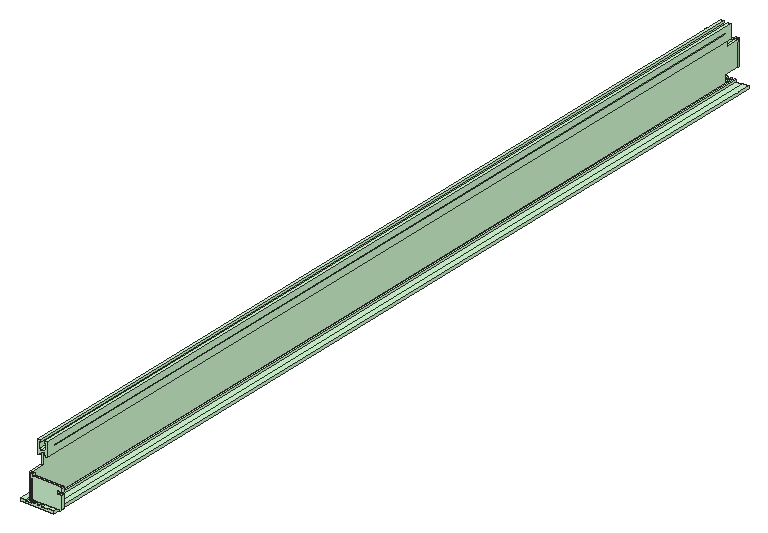
Revit family "eTバー4025クロス(640グリッド用)", category 機械設備, Revit 2020
Family settings
  丸型コネクタ寸法 = 直径を使用
  種別 = なし
  パーツ タイプ = 標準
  作業面ベース = いいえ
  常に垂直 = はい
  ロード時にボイドで切り取り = いいえ
  共有 = いいえ
  部屋計算ポイント = いいえ
Parameters
  製造元 = "株式会社桐井製作所"
  既定の高さ = 0 mm
  URL = "https://www.kirii.co.jp/"
  K_長さ(mm) = 640 mm
  K_材質 = "溶融亜鉛めっき鋼板及び鋼帯SGCC 一般用　カラー鋼板"
  K_品名 = "eTバー4025クロス(640グリッド用)"
  K_名称 = "Tバー"
  K_入数 = "25"
  K_バージョン情報 = "20220915"
  K_めっき付着量 = "JIS G 3302 Z12、カラー鋼板　塗装膜厚20μ(白色)"
  K_JIS規格 = "JIS G 3302"
Reference planes
  plane 1 "中心(正面/背面)": y = 0
  plane 2: z = 0
  plane 3 "中心(左/右)": x = 0
  plane 4: y = 640
Forms (mm)
  Extrusion 1, solid
    sketch origin (0, -1320, 7.1) x (-1, 0, 0) y (0, 0, 1)
      loop
        line (0.65, 26.539) -> (2.4, 24.9) -> (3.5, 24.9) -> (3.5, 34.9) -> (1.403, 34.9) -> (1.403, 33.4) -> (2.203, 33.4) -> (2.141, 29.141) -> (1.059, 28.059) -> (-0.917, 28) -> (-2.141, 29.141) -> (-2.203, 33.4) -> (-1.403, 33.4) -> (-1.403, 34.9) -> (-3.5, 34.9) -> (-3.5, 24.9) -> (-2.4, 24.9) -> (-0.65, 26.539) -> (-0.65, -5.1) -> (-2.488, -5.1) -> (-2.488, -4.3) -> (-3.5, -4.3) -> (-3.5, -5.9) -> (-8.5, -5.9) -> (-8.5, -5.1) -> (-12.5, -5.1) -> (-12.5, -7.1) -> (12.5, -7.1) -> (12.5, -5.1) -> (8.5, -5.1) -> (8.5, -5.9) -> (3.5, -5.9) -> (3.5, -4.3) -> (2.488, -4.3) -> (2.488, -5.1) -> (0.65, -5.1) -> (0.65, 26.539)
    from 1320 to 1960
  Extrusion 2, void
    sketch origin (0, 0, 0) x (0, 1, 0) y (0, 0, 1)
      loop
        line (5, 41.941) -> (0, 41.941) -> (0, 25.9) -> (5, 25.9) -> (5, 41.941)
    from -3.77 to 3.77
  Extrusion 3, solid
    sketch origin (-0.114, 0, 16.166) x (1, 0, 0) y (0, 1, 0)
      loop
        line (24.214, -7.2) -> (24.214, -5.9) -> (1.464, -5.9)
        arc (1.464, -5.9) -> (0.969, -5.695) -> (0.764, -5.2) r 0.7
        line (0.764, -5.2) -> (0.764, 0) -> (-0.536, 0) -> (-0.536, -5.2)
        arc (-0.536, -5.2) -> (0.05, -6.614) -> (1.464, -7.2) r 2
        line (1.464, -7.2) -> (24.214, -7.2)
    from -8.353 to 9.734
  Extrusion 4, void
    sketch origin (0, 0, -7.234) x (1, 0, 0) y (0, 0, 1)
      loop
        line (2.6, 31.999) -> (23.1, 31.999)
        arc (23.1, 31.999) -> (23.807, 31.706) -> (24.1, 30.999) r 1
        line (24.1, 30.999) -> (24.1, 33.134) -> (2.6, 33.134) -> (2.6, 31.999)
    from 5.9 to 7.2
  Extrusion 5, void
    sketch origin (0, 0, -7.234) x (1, 0, 0) y (0, 0, 1)
      loop
        line (24.1, 26.599) -> (24.1, 28.599) -> (21.1, 28.599) -> (21.1, 26.599) -> (24.1, 26.599)
    from 5.9 to 7.2
  Extrusion 6, void
    sketch origin (0, 0, 0) x (0, 1, 0) y (0, 0, 1)
      loop
        line (6.9, 7.813) -> (0, 7.813) -> (0, 2.8) -> (6.9, 2.8) -> (6.9, 7.813)
    from -0.65 to 0.65
  Extrusion 7, void
    sketch origin (0, -13.6, -8.031) x (1, 0, 0) y (0, 0, -1)
      loop
        line (24.1, -15.844) -> (2.6, -15.844) -> (2.6, -16.999) -> (22.1, -16.999)
        arc (22.1, -16.999) -> (23.231, -17.237) -> (24.1, -17.999) r 2.28
        line (24.1, -17.999) -> (24.1, -15.844)
    from 6.4 to 7.7
  Extrusion 8, void
    sketch origin (0, 640, 0) x (0, -1, 0) y (0, 0, -1)
      loop
        line (5, -41.941) -> (5, -25.737) -> (0, -25.737) -> (0, -41.941) -> (5, -41.941)
    from -3.77 to 3.77
  Extrusion 9, void
    sketch origin (0, 640, 0) x (0, -1, 0) y (0, 0, -1)
      loop
        line (6.9, -7.833) -> (6.9, -2.8) -> (0, -2.8) -> (0, -7.833) -> (6.9, -7.833)
    from -0.65 to 0.65
  Extrusion 10, solid
    sketch origin (0.114, 640, 16.166) x (-1, 0, 0) y (0, -1, 0)
      loop
        line (24.214, -7.2) -> (24.214, -5.9) -> (1.464, -5.9)
        arc (1.464, -5.9) -> (0.969, -5.695) -> (0.764, -5.2) r 0.7
        line (0.764, -5.2) -> (0.764, 0) -> (-0.536, 0) -> (-0.536, -5.2)
        arc (-0.536, -5.2) -> (0.05, -6.614) -> (1.464, -7.2) r 2
        line (1.464, -7.2) -> (24.214, -7.2)
    from -8.334 to 9.571
  Extrusion 11, void
    sketch origin (0, 640, -7.234) x (-1, 0, 0) y (0, 0, 1)
      loop
        line (24.1, 26.599) -> (24.1, 28.599) -> (21.1, 28.599) -> (21.1, 26.599) -> (24.1, 26.599)
    from 5.9 to 7.2
  Extrusion 12, void
    sketch origin (0, 640, -8.099) x (-1, 0, 0) y (0, 0, 1)
      loop
        line (24.1, 15.931) -> (24.1, 17.999)
        arc (24.1, 17.999) -> (23.231, 17.237) -> (22.1, 16.999) r 2.28
        line (22.1, 16.999) -> (2.6, 16.999) -> (2.6, 15.931) -> (24.1, 15.931)
    from 5.9 to 7.2
  Extrusion 13, void
    sketch origin (0, 653.6, -7.396) x (-1, 0, 0) y (0, 0, -1)
      loop
        line (2.6, -31.999) -> (2.6, -33.134) -> (24.1, -33.134) -> (24.1, -30.999)
        arc (24.1, -30.999) -> (23.807, -31.706) -> (23.1, -31.999) r 1
        line (23.1, -31.999) -> (2.6, -31.999)
    from 6.4 to 7.7
Cuts and joins
  Extrusion 2, Extrusion 6, Extrusion 7, Extrusion 8, Extrusion 9 cuts Extrusion 1
  Extrusion 4, Extrusion 5, Extrusion 7 cuts Extrusion 3
  Extrusion 11, Extrusion 12, Extrusion 13 cuts Extrusion 10
  joined: Extrusion 1, Extrusion 3, Extrusion 10
Dimensions and locks
  aligned and locked: level to plane 2
  aligned and locked: plane 4 to Extrusion 1
